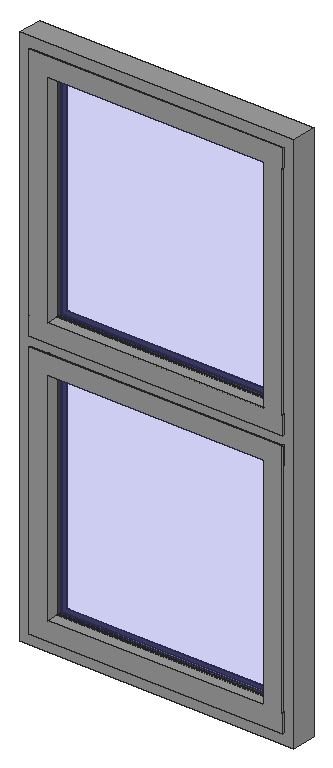
Revit family "SS_3250_LAP IP006_v02", category Windows, host Wall, Revit 2015
Parameters
  Wall Thickness [instance] = 0' - 6"
  URL = "obe.com"
  Transom Height = 3' - 0"
  Rough Width = Width + 0' 0 1/2"  # 3' - 0 1/2"
  Rough Height = Height + 0' 0 1/2"  # 6' - 0 1/2"
  Offset Limitation [instance] = if((Offset + 0' 3 1/4") > Wall Thickness, (Wall Thickness - 0' 3 1/4"), Offset)  # 0' - 0"
  Offset [instance] = 0' - 0"
  Model = "SS_3250_LAP IP006"
  Manufacturer = "Oldcastle BuildingEnvelope®"
  Keynote = "08 51 00"
  Height = Operable Height + Transom Height  # 6' - 0"
  Operable Width = 3' - 0"
  Operable Height = 3' - 0"
  Glass Material = Glass
  Gasket Material = Gasket
  Frame Material = Aluminum
  Description = "SIGNATURE SERIES 3.25 LAP"
  Default Sill Height = 2' - 0"
  Wall Closure = By host
  Width = Operable Width  # 3' - 0"
  Assembly Code = "B2020"
Reference planes (in)
  plane 1 "Center (Front/Back)": y = 0
  plane 2: z = 0
  plane 3 "Center (Left/Right)": x = 0
  plane 4 "Left": x = -18.25
  plane 5 "Right": x = 18.25
  plane 6 "Sill": z = 24
  plane 7 "Top": z = 96.5
  plane 8 "Offset": y = 3
  plane 9: x = 18
  plane 10: z = 96.25
  plane 11: x = -18
  plane 12: z = 24.25
  plane 13 "Center": z = 60.25
  plane 14: z = 57.75
  plane 15: z = 27.25
  plane 16: z = 62.75
  plane 17: z = 93.25
  plane 18 "INT": y = 1.451
Forms (in)
  Sweep 1, solid, material "Aluminum" <- "Frame Material"
    path origin (0, 3, 0) x (1, 0, 0) y (0, 0, 1)
      loop
        line (-18, 24) -> (-18, 96.5)
    profile origin (-18, 3, 60.25) x (-1, 0, 0) y (0, -1, 0)
      loop
        line (-2.25, 0) -> (0.25, 0) -> (0.25, 3.25) -> (-1.36814, 3.25) -> (-1.36814, 0.08) -> (-2.25, 0.08) -> (-2.25, 0)
  Sweep 2, solid, material "Aluminum" <- "Frame Material"
    path origin (0, 3, 0) x (1, 0, 0) y (0, 0, 1)
      loop
        line (18, 24) -> (18, 96.5)
    profile origin (18, 3, 60.25) x (-1, 0, 0) y (0, -1, 0)
      loop
        line (1.36814, 3.25) -> (-0.25, 3.25) -> (-0.25, 0) -> (2.25, 0) -> (2.25, 0.08) -> (1.36814, 0.08) -> (1.36814, 3.25)
  Sweep 3, solid, material "Aluminum" <- "Frame Material"
    path origin (0, 3, 0) x (1, 0, 0) y (0, 0, 1)
      loop
        line (-18.25, 96.25) -> (18.25, 96.25)
    profile origin (0, 3, 96.25) x (0, 0, 1) y (0, -1, 0)
      loop
        line (-1.36853, 3.25) -> (-1.36853, 0.08012) -> (-2.25, 0.08012) -> (-2.25, 0) -> (0.25, 0) -> (0.25, 3.25) -> (-1.36853, 3.25)
  Sweep 4, solid, material "Aluminum" <- "Frame Material"
    path origin (0, 3, 0) x (1, 0, 0) y (0, 0, 1)
      loop
        line (18.25, 24.25) -> (-18.25, 24.25)
    profile origin (0, 3, 24.25) x (0, 0, -1) y (0, -1, 0)
      loop
        line (0.25, 3.25) -> (-1.37516, 3.25) -> (-1.37516, 0.08) -> (-2.25, 0.08) -> (-2.25, 0) -> (0.25, 0) -> (0.25, 3.25)
  Sweep 5, solid, material "Aluminum" <- "Frame Material"
    path origin (0, 3, -0.00003) x (1, 0, 0) y (0, 0, 1)
      loop
        line (18.25, 60.25) -> (-18.25, 60.25)
    profile origin (0, 3, 60.24997) x (0, 0, -1) y (0, -1, 0)
      loop
        line (0.86762, 3.25) -> (-0.86774, 3.25) -> (-0.86774, 0.08) -> (-1.75003, 0.08) -> (-1.75003, 0) -> (1.74997, 0) -> (1.74997, 0.08) -> (0.86762, 0.08) -> (0.86762, 3.25)
  Extrusion 6, solid, material "Glass" <- "Glass Material"
    sketch origin (0, 0, 0) x (1, 0, 0) y (0, 1, 0)
      loop
        line (-15, 2.451) -> (-15, 1.451) -> (15, 1.451) -> (15, 2.451) -> (-15, 2.451)
    from 27.25 to 57.75
  Sweep 7, solid, material "Gasket" <- "Gasket Material", detail levels fine
    path origin (0, 2, 0) x (1, 0, 0) y (0, 0, 1)
      loop
        line (14.375, 92.625) -> (-14.375, 92.625) -> (-14.375, 63.375) -> (14.375, 63.375) -> (14.375, 92.625)
    profile origin (14.375, 2, 78) x (0, -1, 0) y (1, 0, 0)
      loop
        line (-0.451, -0.15422) -> (-0.451, 0.34093) -> (-0.576, 0.34093) -> (-0.576, -0.014) -> (-0.72511, -0.014) -> (-0.71375, -0.05125) -> (-0.451, -0.15422)
      loop
        line (0.549, 0.33143) -> (0.549, -0.125) -> (0.82895, -0.03897) -> (0.82895, 0) -> (0.75, 0) -> (0.75, 0.1604) -> (0.66148, 0.23207) -> (0.58103, 0.33143) -> (0.549, 0.33143)
  Sweep 8, solid, material "Gasket" <- "Gasket Material", detail levels fine
    path origin (0, 3, 0) x (1, 0, 0) y (0, 0, 1)
      loop
        line (14.375, 57.12494) -> (-14.375, 57.12494) -> (-14.375, 27.875) -> (14.375, 27.875) -> (14.375, 57.12494)
    profile origin (0, 3, 57.12494) x (0, 0, -1) y (0, -1, 0)
      loop
        line (0.01391, 0.27489) -> (0.05116, 0.28625) -> (0.15414, 0.549) -> (-0.34102, 0.549) -> (-0.34102, 0.424) -> (0.01391, 0.424) -> (0.01391, 0.27489)
      loop
        line (-0.16117, 1.74915) -> (-0.23216, 1.66148) -> (-0.37107, 1.549) -> (0.12492, 1.549) -> (0.03952, 1.82687) -> (0.00005, 1.829) -> (0.01203, 1.74915) -> (-0.16117, 1.74915)
  Extrusion 9, solid, material "Glass" <- "Glass Material"
    sketch origin (0, 0, 0) x (1, 0, 0) y (0, 1, 0)
      loop
        line (-15, 1.451) -> (15, 1.451) -> (15, 2.451) -> (-15, 2.451) -> (-15, 1.451)
    from 62.75 to 93.25
  Sweep 10, solid, material "Aluminum" <- "Frame Material"
    path origin (0, 3, 0) x (1, 0, 0) y (0, 0, 1)
      loop
        line (16.8662, 96.25) -> (-16.84375, 96.25)
    profile origin (0.01122, 3, 96.25) x (0, 0, -1) y (0, -1, 0)
      loop
        line (3.62506, 3.5) -> (1.12545, 3.5) -> (1.12545, 3.25) -> (1.99999, 3.25) -> (1.99999, 0.25) -> (3.625, 0.25) -> (3.625, 0.424) -> (3, 0.424) -> (3, 1.75) -> (3.62506, 1.75) -> (3.62506, 3.5)
  Sweep 11, solid, material "Aluminum" <- "Frame Material"
    path origin (0, 3, 0) x (1, 0, 0) y (0, 0, 1)
      loop
        line (-16.8662, 62.75) -> (16.8662, 62.75)
    profile origin (0, 3, 62.75) x (0, 0, 1) y (0, -1, 0)
      loop
        line (0.62503, 0.25) -> (0.62503, 0.424) -> (0, 0.424) -> (0, 1.75) -> (0.62503, 1.75) -> (0.62503, 3.5) -> (-1.8733, 3.5) -> (-1.8733, 3.25) -> (-0.99997, 3.25) -> (-0.99997, 0.25) -> (0.62503, 0.25)
  Sweep 12, solid, material "Aluminum" <- "Frame Material"
    path origin (0, 3, 0) x (1, 0, 0) y (0, 0, 1)
      loop
        line (16.84375, 57.75) -> (-16.84375, 57.75)
    profile origin (0, 3, 57.75) x (0, 0, -1) y (0, -1, 0)
      loop
        line (-1.00003, 3.25) -> (-1.00003, 0.25) -> (0.62497, 0.25) -> (0.62497, 0.424) -> (0, 0.424) -> (0, 1.74915) -> (0.62503, 1.74915) -> (0.62503, 3.5) -> (-1.87539, 3.5) -> (-1.87539, 3.25) -> (-1.00003, 3.25)
  Sweep 13, solid, material "Aluminum" <- "Frame Material"
    path origin (0, 3, 0) x (1, 0, 0) y (0, 0, 1)
      loop
        line (16.8662, 24.25) -> (-16.8662, 24.25)
    profile origin (0, 3, 24.25) x (0, 0, -1) y (0, -1, 0)
      loop
        line (-3.625, 0.25) -> (-2.0049, 0.25) -> (-2.0049, 3.25) -> (-1.1242, 3.25) -> (-1.1242, 3.5) -> (-3.625, 3.5) -> (-3.625, 1.74915) -> (-3, 1.74915) -> (-3, 0.424) -> (-3.625, 0.424) -> (-3.625, 0.25)
  Sweep 14, solid, material "Aluminum" <- "Frame Material"
    path origin (0, 3, 0) x (1, 0, 0) y (0, 0, 1)
      loop
        line (-18, 25.38381) -> (-18, 59.61623)
    profile origin (-18, 3, 42.50002) x (-1, 0, 0) y (0, -1, 0)
      loop
        line (-3.625, 0.25) -> (-2, 0.25) -> (-2, 3.375) -> (-1.1338, 3.375) -> (-1.15625, 3.5) -> (-3.625, 3.5) -> (-3.625, 1.74915) -> (-3, 1.74915) -> (-3, 0.424) -> (-3.625, 0.424) -> (-3.625, 0.25)
  Sweep 15, solid, material "Aluminum" <- "Frame Material"
    path origin (0, 3, 0) x (1, 0, 0) y (0, 0, 1)
      loop
        line (-18, 60.88383) -> (-18, 95.09375)
    profile origin (-18, 3, 77.98879) x (-1, 0, 0) y (0, -1, 0)
      loop
        line (-2, 3.375) -> (-1.1338, 3.375) -> (-1.15625, 3.5) -> (-3.625, 3.5) -> (-3.625, 1.75) -> (-3, 1.75) -> (-3, 0.424) -> (-3.625, 0.424) -> (-3.625, 0.25) -> (-2, 0.25) -> (-2, 3.375)
  Sweep 16, solid, material "Aluminum" <- "Frame Material"
    path origin (0, 3, 0) x (1, 0, 0) y (0, 0, 1)
      loop
        line (18, 95.09375) -> (18, 60.88383)
    profile origin (18, 3, 77.98879) x (0, -1, 0) y (1, 0, 0)
      loop
        line (0.25, -2) -> (0.25, -3.625) -> (0.424, -3.625) -> (0.424, -3) -> (1.75, -3) -> (1.75, -3.625) -> (3.5, -3.625) -> (3.5, -1.15625) -> (3.375, -1.1338) -> (3.375, -2) -> (0.25, -2)
  Sweep 17, solid, material "Aluminum" <- "Frame Material"
    path origin (0, 3, 0) x (1, 0, 0) y (0, 0, 1)
      loop
        line (18, 59.59378) -> (18, 25.38381)
    profile origin (18, 3, 42.48879) x (0, -1, 0) y (1, 0, 0)
      loop
        line (0.25, -3.625) -> (0.424, -3.625) -> (0.424, -3) -> (1.74915, -3) -> (1.74915, -3.625) -> (3.5, -3.625) -> (3.5, -1.15625) -> (3.375, -1.1338) -> (3.375, -2) -> (0.25, -2) -> (0.25, -3.625)
Cuts and joins
  joined: Sweep 1, Sweep 2, Sweep 3, Sweep 4, Sweep 5
  joined: Sweep 12, Sweep 13, Sweep 14, Sweep 17
  joined: Sweep 10, Sweep 11, Sweep 15, Sweep 16
Lines and regions (in)
  Opening 1
    outline origin (-60, -3, 0) x (1, 0, 0) y (0, 0, 1)
      loop
        line (41.75, 96.5) -> (41.75, 24) -> (78.25, 24) -> (78.25, 96.5) -> (41.75, 96.5)
  model lines, style "Opening Direction"
    curve 1: line (-14.375, 1.451, 92.62494) -> (0, 1.451, 63.375)
    curve 2: line (0, 1.451, 63.375) -> (14.375, 1.451, 92.62494)
    curve 3: line (-14.375, 1.451, 57.12494) -> (0, 1.451, 27.875)
    curve 4: line (14.375, 1.451, 57.12494) -> (0, 1.451, 27.875)
Text (in)
  text "EXTERIOR" at (-58.6888, 50.90694, 0), in view "Ref. Level"
  text "INTERIOR" at (-58.6888, -37.76638, 0), in view "Ref. Level"
  text "Exterior" at (0, 43.65631, 123.19604), in view "Left"
  text "Exterior" at (0, 18.29385, 125.04747), in view "Right"
  text "Min Operable Size\n\n14\" width x 18\" height\n\n\n\nMax Operable Size\n\n72\" x 48\"\n\n\n\nMax Operable Area\n\n20 square feet" at (92.76956, 66.12772, 0), in view "Ref. Level"
Dimensions and locks (in)
  plane 4 "Left" to plane 3 "Center (Left/Right)" to plane 5 "Right" = 1' - 6 1/4", 1' - 6 1/4"
  "Rough Width": plane 4 "Left" to plane 5 "Right"
  "Default Sill Height": plane 2 to plane 6 "Sill"
  "Offset Limitation": plane 8 "Offset" to host wall
  "Wall Thickness": host wall to host wall
  locked: plane 9 to plane 5 "Right" at 0.25
  locked: plane 6 "Sill" to plane 12 at 0.25
  "Operable Height": plane 12 to plane 13 "Center"
  "Transom Height": plane 13 "Center" to plane 10
  "Rough Height": plane 6 "Sill" to plane 7 "Top"
  "Width": plane 11 to plane 9
  Extrusion 6 sketch curve to Extrusion 6 sketch curve to plane 8 "Offset" = 0' - 1" locked, 0' - 0.549" locked
  locked: plane 12 to plane 15 at 3
  locked: plane 14 to plane 13 "Center" at 2.5
  locked: plane 13 "Center" to plane 16 at 2.5
  locked: plane 17 to plane 10 at 3
  Extrusion 9 sketch curve to Extrusion 9 sketch curve to plane 8 "Offset" = 0' - 1", 0' - 0.549"
  locked: plane 18 "INT" to plane 8 "Offset" at 1.549
  equal spacing: plane 4 "Left", plane 3 "Center (Left/Right)", plane 5 "Right"
  locked: Sweep 14 sketch curve to plane 13 "Center" at 0.63377
  locked: plane 12 to Sweep 14 sketch curve at 1.13381
  locked: Sweep 15 sketch curve to plane 10 at 1.15625
  locked: plane 13 "Center" to Sweep 15 sketch curve at 0.63383
  locked: plane 13 "Center" to Sweep 16 sketch curve at 0.63383
  Sweep 10 to plane 10 = 0' - 1.12545"
  locked: plane 12 to Sweep 17 sketch curve at 1.13381
  locked: Sweep 17 sketch curve to plane 13 "Center" at 0.65622
  locked: Sweep 10 sketch curve to plane 9 at 1.1338
  locked: plane 4 "Left" to Sweep 10 sketch curve at 1.40625
  locked: plane 4 "Left" to Sweep 11 sketch curve at 1.3838
  locked: Sweep 11 sketch curve to plane 9 at 1.1338
  locked: plane 4 "Left" to Sweep 12 sketch curve at 1.40625
  locked: Sweep 12 sketch curve to plane 5 "Right" at 1.40625
  locked: Sweep 13 sketch curve to plane 5 "Right" at 1.3838
  locked: plane 4 "Left" to Sweep 13 sketch curve at 1.3838
  aligned and locked: plane 7 "Top" to Opening 1 sketch curve
  aligned and locked: plane 6 "Sill" to Opening 1 sketch curve  (x2)
  aligned and locked: plane 5 "Right" to Opening 1 sketch curve
  aligned and locked: plane 4 "Left" to Opening 1 sketch curve
  aligned and locked: level to plane 2
  aligned and locked: nested 2 to plane 12
  aligned and locked: Extrusion 6 to plane 14
  aligned and locked: plane 15 to Extrusion 6
  aligned and locked: Extrusion 9 to plane 17
  aligned and locked: plane 16 to Extrusion 9
  aligned and locked: plane 3 "Center (Left/Right)" to nested 2
  aligned and locked: plane 8 "Offset" to nested 2
  aligned and locked: plane 3 "Center (Left/Right)" to nested 1
  aligned and locked: plane 8 "Offset" to nested 1
  aligned and locked: plane 3 "Center (Left/Right)" to curve 2
  aligned and locked: plane 3 "Center (Left/Right)" to curve 4
  aligned and locked: plane 10 to Sweep 10 sketch curve
  aligned and locked: Sweep 11 sketch curve to plane 16
  aligned and locked: plane 14 to Sweep 12 sketch curve
  aligned and locked: plane 12 to Sweep 13 sketch curve
  aligned and locked: plane 11 to Sweep 14 sketch curve
  aligned and locked: plane 11 to Sweep 15 sketch curve
  aligned and locked: Sweep 16 sketch curve to plane 9
  aligned and locked: Sweep 17 sketch curve to plane 9
  aligned and locked: plane 8 "Offset" to nested 3  (x2)
  aligned and locked: nested 3 to plane 13 "Center"
  aligned and locked: plane 3 "Center (Left/Right)" to nested 3
Automatic sketch dimensions
  plane 8 "Offset" to Sweep 1 sketch curve = 0' - 0"
  Sweep 1 sketch curve to profile plane = 0' - 0 1/4"
  plane 8 "Offset" to Sweep 2 sketch curve = 0' - 0"
  profile plane to Sweep 2 sketch curve = 0' - 0 1/4"
  Sweep 2 sketch curve to Sweep 2 sketch curve = 0' - 3 1/4"
  Extrusion 6 sketch curve to plane 11 = 0' - 3"
  plane 9 to Extrusion 6 sketch curve = 0' - 3"
  Sweep 7 sketch curve to profile plane = 0' - 0"
  profile plane to Sweep 7 sketch curve = 0' - 0.014"
  plane 8 "Offset" to Sweep 7 sketch curve = 0' - 0.27489"
  profile plane to Sweep 7 sketch curve = 0' - 0.05125"
  Sweep 7 sketch curve to Sweep 7 sketch curve = 0' - 0.01136"
  Sweep 7 sketch curve to Sweep 7 sketch curve = 0' - 0.14911"
  Sweep 7 sketch curve to Sweep 7 sketch curve = 0' - 0 1/8"
  Sweep 7 sketch curve to profile plane = 0' - 0.23207"
  Sweep 7 sketch curve to Sweep 7 sketch curve = 0' - 1.11248"
  Sweep 7 sketch curve to Sweep 7 sketch curve = 0' - 0.08852"
  Sweep 7 sketch curve to Sweep 7 sketch curve = 0' - 0.07895"
  Sweep 7 sketch curve to Sweep 7 sketch curve = 0' - 0.03897"
  Sweep 7 sketch curve to Sweep 7 sketch curve = 0' - 0.07168"
  Sweep 7 sketch curve to profile plane = 0' - 0.34093"
  Sweep 7 sketch curve to Sweep 7 sketch curve = 0' - 0.11248"
  Sweep 7 sketch curve to profile plane = 0' - 0.33143"
  Sweep 7 sketch curve to Sweep 7 sketch curve = 0' - 0.03203"
  profile plane to Sweep 7 sketch curve = 0' - 0 1/8"
  Sweep 7 sketch curve to Sweep 7 sketch curve = 0' - 0.02922"
  plane 14 to Sweep 8 sketch curve = 0' - 0.62506"
  Sweep 8 sketch curve to plane 11 = 0' - 3 5/8"
  Sweep 8 sketch curve to plane 15 = 0' - 0 5/8"
  plane 9 to Sweep 8 sketch curve = 0' - 3 5/8"
  Sweep 8 sketch curve to profile plane = 0' - 0.01203"
  profile plane to Sweep 8 sketch curve = 0' - 0.23216"
  profile plane to Sweep 8 sketch curve = 0' - 0.34102"
  Sweep 8 sketch curve to profile plane = 0' - 0.00005"
  Sweep 8 sketch curve to profile plane = 0' - 0.01391"
  Sweep 8 sketch curve to profile plane = 0' - 0.03952"
  Sweep 8 sketch curve to Sweep 8 sketch curve = 0' - 0.03725"
  plane 8 "Offset" to Sweep 8 sketch curve = 0' - 0.27489"
  Sweep 8 sketch curve to Sweep 8 sketch curve = 0' - 0.01136"
  Sweep 8 sketch curve to Sweep 8 sketch curve = 0' - 0.14911"
  Sweep 8 sketch curve to Sweep 8 sketch curve = 0' - 0 1/8"
  Sweep 8 sketch curve to Sweep 8 sketch curve = 0' - 1.11248"
  Sweep 8 sketch curve to Sweep 8 sketch curve = 0' - 0.16539"
  Sweep 8 sketch curve to Sweep 8 sketch curve = 0' - 0.00213"
  profile plane to Sweep 8 sketch curve = 0' - 0.16117"
  Sweep 8 sketch curve to Sweep 8 sketch curve = 0' - 0.13891"
  Sweep 8 sketch curve to profile plane = 0' - 0.12492"
  Sweep 8 sketch curve to Sweep 8 sketch curve = 0' - 0.02922"
  Sweep 8 sketch curve to Sweep 8 sketch curve = 0' - 0.11248"
  Sweep 8 sketch curve to Sweep 8 sketch curve = 0' - 0.07985"
  Sweep 7 sketch curve to plane 11 = 0' - 3 5/8"
  Sweep 7 sketch curve to plane 16 = 0' - 0 5/8"
  plane 9 to Sweep 7 sketch curve = 0' - 3 5/8"
  plane 17 to Sweep 7 sketch curve = 0' - 0 5/8"
  Extrusion 9 sketch curve to plane 11 = 0' - 3"
  plane 9 to Extrusion 9 sketch curve = 0' - 3"
  plane 4 "Left" to Sweep 3 sketch curve = 0' - 0"
  plane 5 "Right" to Sweep 3 sketch curve = 0' - 0"
  Sweep 3 sketch curve to plane 10 = 0' - 0"
  plane 4 "Left" to Sweep 5 sketch curve = 0' - 0"
  plane 5 "Right" to Sweep 5 sketch curve = 0' - 0"
  plane 13 "Center" to Sweep 5 sketch curve = 0' - 0.00003"
  plane 4 "Left" to Sweep 4 sketch curve = 0' - 0"
  plane 5 "Right" to Sweep 4 sketch curve = 0' - 0"
  Sweep 4 sketch curve to plane 12 = 0' - 0"
  Sweep 1 sketch curve to plane 7 "Top" = 0' - 0"
  plane 11 to Sweep 1 sketch curve = 0' - 0"
  Sweep 1 sketch curve to plane 6 "Sill" = 0' - 0"
  Sweep 2 sketch curve to plane 7 "Top" = 0' - 0"
  plane 9 to Sweep 2 sketch curve = 0' - 0"
  Sweep 2 sketch curve to plane 6 "Sill" = 0' - 0"
  curve 1 to plane 16 = 0' - 0 5/8"
  plane 17 to curve 1 = 0' - 0.62506"
  curve 1 to plane 11 = 0' - 3 5/8"
  plane 17 to curve 2 = 0' - 0.62506"
  plane 9 to curve 2 = 0' - 3 5/8"
  plane 14 to curve 3 = 0' - 0.62506"
  curve 3 to plane 11 = 0' - 3 5/8"
  plane 14 to curve 4 = 0' - 0.62506"
  plane 9 to curve 4 = 0' - 3 5/8"
  curve 4 to plane 15 = 0' - 0 5/8"
  Sweep 5 sketch curve to plane 8 "Offset" = 0' - 0"
  profile plane to Sweep 5 sketch curve = 0' - 1.75003"
  Sweep 5 sketch curve to profile plane = 0' - 1.74997"
  Sweep 5 sketch curve to Sweep 5 sketch curve = 0' - 0.08"  (x2)
  Sweep 5 sketch curve to profile plane = 0' - 0.86762"
  profile plane to Sweep 5 sketch curve = 0' - 0.86774"
  Sweep 5 sketch curve to Sweep 5 sketch curve = 0' - 3.17"
  Sweep 3 sketch curve to plane 8 "Offset" = 0' - 0"
  Sweep 3 sketch curve to profile plane = 0' - 0 1/4"
  Sweep 3 sketch curve to Sweep 3 sketch curve = 0' - 3 1/4"
  plane 8 "Offset" to Sweep 3 sketch curve = 0' - 0.08012"
  Sweep 3 sketch curve to Sweep 3 sketch curve = 0' - 0.88147"
  profile plane to Sweep 3 sketch curve = 0' - 1.36853"
  Sweep 4 sketch curve to plane 8 "Offset" = 0' - 0"
  Sweep 4 sketch curve to profile plane = 0' - 0 1/4"
  Sweep 4 sketch curve to Sweep 4 sketch curve = 0' - 3 1/4"
  Sweep 4 sketch curve to Sweep 4 sketch curve = 0' - 0.87484"
  profile plane to Sweep 4 sketch curve = 0' - 1.37516"
  Sweep 4 sketch curve to Sweep 4 sketch curve = 0' - 0.08"
  profile plane to Sweep 1 sketch curve = 0' - 1.36814"
  plane 8 "Offset" to Sweep 1 sketch curve = 0' - 3 1/4"
  plane 8 "Offset" to Sweep 1 sketch curve = 0' - 0.08"
  Sweep 1 sketch curve to Sweep 1 sketch curve = 0' - 0.88186"
  Sweep 2 sketch curve to Sweep 2 sketch curve = 0' - 0.08"
  Sweep 2 sketch curve to profile plane = 0' - 1.36814"
  Sweep 2 sketch curve to Sweep 2 sketch curve = 0' - 0.88186"
  plane 10 to Sweep 16 sketch curve = 0' - 1 5/32"
  plane 8 "Offset" to Sweep 16 sketch curve = 0' - 0 1/4"
  Sweep 16 sketch curve to Sweep 16 sketch curve = 0' - 0.174"
  Sweep 16 sketch curve to Sweep 16 sketch curve = 0' - 0"
  Sweep 16 sketch curve to Sweep 16 sketch curve = 0' - 1.326"
  Sweep 16 sketch curve to Sweep 16 sketch curve = 0' - 0 5/8"
  profile plane to Sweep 16 sketch curve = 0' - 1 5/32"
  Sweep 16 sketch curve to Sweep 16 sketch curve = 0' - 1 5/8"
  Sweep 16 sketch curve to Sweep 16 sketch curve = 0' - 1"
  profile plane to Sweep 16 sketch curve = 0' - 1.1338"
  Sweep 16 sketch curve to Sweep 16 sketch curve = 0' - 0 1/8"
  Sweep 16 sketch curve to Sweep 16 sketch curve = 0' - 0 27/32"
  profile plane to Sweep 17 sketch curve = 0' - 2"
  Sweep 17 sketch curve to Sweep 17 sketch curve = 0' - 1.32515"
  Sweep 17 sketch curve to Sweep 17 sketch curve = 0' - 0"
  Sweep 17 sketch curve to Sweep 17 sketch curve = 0' - 0 5/8"
  plane 8 "Offset" to Sweep 17 sketch curve = 0' - 0 1/4"
  Sweep 17 sketch curve to Sweep 17 sketch curve = 0' - 3 1/8"
  profile plane to Sweep 17 sketch curve = 0' - 1.1338"
  Sweep 17 sketch curve to Sweep 17 sketch curve = 0' - 1"
  Sweep 17 sketch curve to Sweep 17 sketch curve = 0' - 0.02245"
  Sweep 17 sketch curve to Sweep 17 sketch curve = 0' - 0 1/8"
  Sweep 17 sketch curve to Sweep 17 sketch curve = 0' - 0.174"
  profile plane to Sweep 15 sketch curve = 0' - 3 5/8"
  plane 8 "Offset" to Sweep 15 sketch curve = 0' - 0 1/4"
  Sweep 15 sketch curve to Sweep 15 sketch curve = 0' - 0"
  Sweep 15 sketch curve to Sweep 15 sketch curve = 0' - 0 5/8"
  Sweep 15 sketch curve to Sweep 15 sketch curve = 0' - 1"
  plane 8 "Offset" to Sweep 15 sketch curve = 0' - 0.424"
  Sweep 15 sketch curve to Sweep 15 sketch curve = 0' - 1.326"
  Sweep 15 sketch curve to Sweep 15 sketch curve = 0' - 1 3/4"
  Sweep 15 sketch curve to Sweep 15 sketch curve = 0' - 0 27/32"
  Sweep 15 sketch curve to Sweep 15 sketch curve = 0' - 0.02245"
  Sweep 15 sketch curve to Sweep 15 sketch curve = 0' - 0 1/8"
  plane 8 "Offset" to Sweep 14 sketch curve = 0' - 0 1/4"
  profile plane to Sweep 14 sketch curve = 0' - 3 5/8"
  Sweep 14 sketch curve to Sweep 14 sketch curve = 0' - 0"
  Sweep 14 sketch curve to Sweep 14 sketch curve = 0' - 0 5/8"
  Sweep 14 sketch curve to Sweep 14 sketch curve = 0' - 1"
  Sweep 14 sketch curve to Sweep 14 sketch curve = 0' - 0.174"
  Sweep 14 sketch curve to Sweep 14 sketch curve = 0' - 1.32515"
  Sweep 14 sketch curve to Sweep 14 sketch curve = 0' - 1.75085"
  Sweep 14 sketch curve to Sweep 14 sketch curve = 0' - 0 27/32"
  Sweep 14 sketch curve to Sweep 14 sketch curve = 0' - 0.02245"
  Sweep 14 sketch curve to Sweep 14 sketch curve = 0' - 0 1/8"
  plane 8 "Offset" to Sweep 13 sketch curve = 0' - 0 1/4"
  profile plane to Sweep 13 sketch curve = 0' - 3 5/8"
  Sweep 13 sketch curve to Sweep 13 sketch curve = 0' - 0"
  Sweep 13 sketch curve to Sweep 13 sketch curve = 0' - 0 5/8"
  Sweep 13 sketch curve to Sweep 13 sketch curve = 0' - 1.6201"
  Sweep 13 sketch curve to Sweep 13 sketch curve = 0' - 0.8807"
  plane 8 "Offset" to Sweep 13 sketch curve = 0' - 0.424"
  Sweep 13 sketch curve to Sweep 13 sketch curve = 0' - 1.32515"
  Sweep 13 sketch curve to Sweep 13 sketch curve = 0' - 1.50085"
  Sweep 13 sketch curve to Sweep 13 sketch curve = 0' - 0 1/4"
  profile plane to Sweep 11 sketch curve = 0' - 0"
  profile plane to Sweep 11 sketch curve = 0' - 0.99997"
  Sweep 11 sketch curve to Sweep 11 sketch curve = 0' - 0.87333"
  Sweep 11 sketch curve to profile plane = 0' - 0.62503"  (x2)
  plane 8 "Offset" to Sweep 11 sketch curve = 0' - 0 1/4"
  Sweep 11 sketch curve to Sweep 11 sketch curve = 0' - 0.174"
  Sweep 11 sketch curve to Sweep 11 sketch curve = 0' - 1.326"
  Sweep 11 sketch curve to Sweep 11 sketch curve = 0' - 1 1/2"
  Sweep 11 sketch curve to Sweep 11 sketch curve = 0' - 0 1/4"
  Sweep 10 sketch curve to profile plane = 0' - 1.12545"
  Sweep 10 sketch curve to Sweep 10 sketch curve = 0' - 0.87454"
  Sweep 10 sketch curve to Sweep 10 sketch curve = 0' - 1"
  Sweep 10 sketch curve to Sweep 10 sketch curve = 0' - 0 5/8"
  Sweep 10 sketch curve to Sweep 10 sketch curve = 0' - 1.62507"
  plane 8 "Offset" to Sweep 10 sketch curve = 0' - 0 1/4"
  Sweep 10 sketch curve to Sweep 10 sketch curve = 0' - 0.174"
  Sweep 10 sketch curve to Sweep 10 sketch curve = 0' - 1.326"
  Sweep 10 sketch curve to Sweep 10 sketch curve = 0' - 1 1/2"
  Sweep 10 sketch curve to Sweep 10 sketch curve = 0' - 0 1/4"
  Sweep 12 sketch curve to profile plane = 0' - 0"
  profile plane to Sweep 12 sketch curve = 0' - 1.00003"
  Sweep 12 sketch curve to Sweep 12 sketch curve = 0' - 0.87537"
  plane 8 "Offset" to Sweep 12 sketch curve = 0' - 0 1/4"
  Sweep 12 sketch curve to profile plane = 0' - 0.62497"
  Sweep 12 sketch curve to Sweep 12 sketch curve = 0' - 0.62503"
  Sweep 12 sketch curve to Sweep 12 sketch curve = 0' - 0.174"
  Sweep 12 sketch curve to Sweep 12 sketch curve = 0' - 1.32515"
  Sweep 12 sketch curve to Sweep 12 sketch curve = 0' - 1.50085"
  Sweep 12 sketch curve to Sweep 12 sketch curve = 0' - 0 1/4"
Nested families (in)
  nested 1: "S-3250 LAP IP006-Plan View" at (0, 3, 0), Default Sill Height <- "Default Sill Height", Operable Height <- "Operable Height", Width <- "Operable Width", type "S-3250 LAP IP006-Plan View"
    with Width 3' - 0", Operable Height 3' - 0", Default Sill Height 2' - 0"
  nested 2: "S-3250 LAP IP006-Section Operable" at (0, 3, 0.25), Default Sill Height <- "Default Sill Height", Operable Height <- "Operable Height", Transom Height <- "Transom Height", Width <- "Operable Width", type "S-3250 LAP IP006-Section Operable"
    with Width 3' - 0", Transom Height 3' - 0", Operable Height 3' - 0", Default Sill Height 2' - 0"
  nested 3: "S-3250 LAP IP006-Transom View" at (0, 3, 24.25), Operable Height <- "Operable Height", Width <- "Width", Transom Height <- "Transom Height", type "S-3250 LAP IP006-Transom View"
    with Width 3' - 0", Transom Height 3' - 0", Operable Height 3' - 0"
Definition of nested family "S-3250 LAP IP006-Plan View"
  Parameters (values of type "S-3250 LAP IP006-Plan View")
    Width [instance] = 3' - 0"
    Rough Width = 3' - 0 1/2"
    Rough Height = 6' - 0 1/2"
    Operable Height [instance] = 3' - 0"
    Height = 6' - 0"
    Default Sill Height [instance] = 3' - 0"
    Analytic Construction = "<None>"
  Reference planes (in)
    plane 1 "Center (Front/Back)": y = 0
    plane 2: z = 0
    plane 3 "Center (Left/Right)": x = 0
    plane 4: z = 36
  Lines and regions (in)
    model lines, not visible
      curve 1: line (0, 0, 36) -> (0, 0, 72)
  Dimensions and locks (in)
    "Default Sill Height": plane 4 to plane 2
    "Operable Height": curve 1 to plane 4
    aligned and locked: plane 2 to level
    aligned and locked: plane 3 "Center (Left/Right)" to nested 1
    aligned and locked: plane 1 "Center (Front/Back)" to nested 1
    aligned and locked: plane 4 to curve 1
    aligned and locked: plane 1 "Center (Front/Back)" to curve 1
  Nested families (in)
    nested 1: "S-3250 LAP IP006-Plan View" at (-12, 0, 0), Width <- "Width", type "S-3250 LAP IP006-Plan View"
      with Width 3' - 0"
  Definition of nested family "S-3250 LAP IP006-Plan View"
    Parameters (values of type "S-3250 LAP IP006-Plan View")
      Width [instance] = 2' - 0"
    Reference planes (in)
      plane 1 "Center (Front/Back)": y = 0
      plane 2: z = 0
      plane 3 "C": x = 0
      plane 4: x = 24
      plane 5: x = 21
      plane 6: x = 3
      plane 7 "Center (Left/Right)": x = 12
    Lines and regions (in)
      detail lines, in view "Ref. Level"
        curve 1: line (3, -0.549, 0) -> (21, -0.549, 0)
        curve 2: line (3, -1.549, 0) -> (21, -1.549, 0)
    Dimensions and locks (in)
      "Width": plane 3 "C" to plane 4
      locked: plane 3 "C" to plane 6 at 3
      locked: plane 5 to plane 4 at 3
      equal spacing: plane 3 "C", plane 7 "Center (Left/Right)", plane 4
      aligned and locked: nested 2 to plane 3 "C"
      aligned and locked: nested 1 to plane 4
      aligned and locked: plane 1 "Center (Front/Back)" to nested 2
      aligned and locked: plane 1 "Center (Front/Back)" to nested 1
      aligned and locked: plane 6 to curve 2
      aligned and locked: plane 6 to curve 1
      aligned and locked: plane 5 to curve 2
      aligned and locked: plane 5 to curve 1
    Automatic sketch dimensions
      plane 1 "Center (Front/Back)" to curve 2 = 0' - 1.549"
      plane 1 "Center (Front/Back)" to curve 1 = 0' - 0.549"
    Nested families (in)
      nested 1: "S-3250 LAP-JAMB L" at (24, 0, 0), type "S-3250 LAP-JAMB L", in view "Ref. Level"
      nested 2: "S-3250 LAP-JAMB R" at (0, 0, 0), type "S-3250 LAP-JAMB R", in view "Ref. Level"
    Definition of nested family "S-3250 LAP-JAMB L"
      Reference planes (in)
        plane 1 "Center (Front/Back)": y = 0
        plane 2: z = 0
        plane 3 "Center (Left/Right)": x = 0
      Lines and regions (in)
        detail lines, in view "Ref. Level"
          curve 1: line (-3.625, 3.5, 0) -> (-1.15625, 3.5, 0)
          curve 2: line (-1.15625, 3.5, 0) -> (-1.125, 3.326, 0)
          curve 3: line (-1.125, 3.326, 0) -> (-1.125, 3.25, 0)
          curve 4: line (-1.125, 3.25, 0) -> (0.25, 3.25, 0)
          curve 5: line (0.25, 3.25, 0) -> (0.25, 3.17, 0)
          curve 6: line (0.25, 3.17, 0) -> (0.25, 0.08, 0)
          curve 7: line (0.25, 0.08, 0) -> (0.25, 0, 0)
          curve 8: line (0.25, 0, 0) -> (-2.25, 0, 0)
          curve 9: line (-2.25, 0, 0) -> (-2.25, 0.25, 0)
          curve 10: line (-2.25, 0.25, 0) -> (-3.625, 0.25, 0)
          curve 11: line (-3.625, 0.25, 0) -> (-3.625, 0.549, 0)
          curve 12: line (-3.625, 0.549, 0) -> (-3, 0.549, 0)
          curve 13: line (-3, 0.549, 0) -> (-3, 1.549, 0)
          curve 14: line (-3, 1.549, 0) -> (-3.625, 1.549, 0)
          curve 15: line (-3.625, 1.549, 0) -> (-3.625, 3.5, 0)
    Definition of nested family "S-3250 LAP-JAMB R"
      Reference planes (in)
        plane 1 "Center (Front/Back)": y = 0
        plane 2: z = 0
        plane 3 "Center (Left/Right)": x = 0
      Lines and regions (in)
        detail lines, in view "Ref. Level"
          curve 1: line (3.625, 3.5, 0) -> (1.15625, 3.5, 0)
          curve 2: line (1.15625, 3.5, 0) -> (1.125, 3.326, 0)
          curve 3: line (1.125, 3.326, 0) -> (1.125, 3.25, 0)
          curve 4: line (1.125, 3.25, 0) -> (-0.25, 3.25, 0)
          curve 5: line (-0.25, 3.25, 0) -> (-0.25, 3.17, 0)
          curve 6: line (-0.25, 3.17, 0) -> (-0.25, 0.08, 0)
          curve 7: line (-0.25, 0.08, 0) -> (-0.25, 0, 0)
          curve 8: line (-0.25, 0, 0) -> (2.25, 0, 0)
          curve 9: line (2.25, 0, 0) -> (2.25, 0.25, 0)
          curve 10: line (2.25, 0.25, 0) -> (3.625, 0.25, 0)
          curve 11: line (3.625, 0.25, 0) -> (3.625, 0.549, 0)
          curve 12: line (3.625, 0.549, 0) -> (3, 0.549, 0)
          curve 13: line (3, 0.549, 0) -> (3, 1.549, 0)
          curve 14: line (3, 1.549, 0) -> (3.625, 1.549, 0)
          curve 15: line (3.625, 1.549, 0) -> (3.625, 3.5, 0)
Definition of nested family "S-3250 LAP IP006-Section Operable"
  Parameters (values of type "S-3250 LAP IP006-Section Operable")
    Width [instance] = 3' - 0"
    Transom Height [instance] = 2' - 0"
    Rough Width = 3' - 0 1/2"
    Rough Height = 6' - 0 1/2"
    Operable Height [instance] = 3' - 0"
    Height = 6' - 0"
    Default Sill Height [instance] = 3' - 0"
    Analytic Construction = "<None>"
  Reference planes (in)
    plane 1 "Center (Front/Back)": y = 0
    plane 2: z = 0
    plane 3 "Center (Left/Right)": x = 0
    plane 4: z = 36
  Lines and regions (in)
    model lines, not visible
      curve 1: line (-18, 0, 0) -> (18, 0, 0)
  Dimensions and locks (in)
    "Default Sill Height": plane 4 to plane 2
    "Width": curve 1 to curve 1
    equal spacing: curve 1, plane 3 "Center (Left/Right)", curve 1
    aligned and locked: plane 2 to level
    aligned and locked: nested 1 to plane 1 "Center (Front/Back)"
    aligned and locked: plane 4 to nested 1
    aligned and locked: plane 1 "Center (Front/Back)" to curve 1
  Nested families (in)
    nested 1: "S-3250 LAP IP006-Section Operable" at (0, 0, 36) x (0, -1, 0) z (1, 0, 0), Operable Height <- "Operable Height", Transom Height <- "Transom Height", type "S-3250 LAP IP006-Section Operable"
      with Transom Height 2' - 0", Operable Height 3' - 0"
  Definition of nested family "S-3250 LAP IP006-Section Operable"
    Parameters (values of type "S3250 IP006-Section Operable")
      Transom Height [instance] = 2' - 0"
      Operable Height [instance] = 3' - 0"
    Reference planes (in)
      plane 1 "Center (Front/Back)": y = 0
      plane 2: z = 0
      plane 3 "Center (Left/Right)": x = 0
      plane 4: y = 60
      plane 5: y = 57
      plane 6: y = 3
      plane 7: y = 36
      plane 8: y = 38.50003
      plane 9: y = 33.50003
    Lines and regions (in)
      detail lines, in view "Ref. Level"
        curve 1: line (0.549, 33.50003, 0) -> (0.549, 3, 0)
        curve 2: line (0.549, 38.50003, 0) -> (0.549, 57, 0)
        curve 3: line (1.549, 33.50003, 0) -> (1.549, 3, 0)
        curve 4: line (1.549, 38.50003, 0) -> (1.549, 57, 0)
    Dimensions and locks (in)
      "Operable Height": plane 1 "Center (Front/Back)" to plane 7
      locked: plane 6 to plane 1 "Center (Front/Back)" at 3
      locked: plane 4 to plane 5 at 3
      "Transom Height": plane 4 to plane 7
      plane 8 to plane 7 to plane 9 = 0' - 2.50003" locked, 0' - 2.49997" locked
      aligned and locked: plane 1 "Center (Front/Back)" to nested 2
      aligned and locked: nested 3 to plane 7
      aligned and locked: nested 1 to plane 4
      aligned and locked: plane 3 "Center (Left/Right)" to nested 1
      aligned and locked: plane 3 "Center (Left/Right)" to nested 3
      aligned and locked: plane 3 "Center (Left/Right)" to nested 2
      aligned and locked: plane 9 to curve 3
      aligned and locked: plane 9 to curve 1
      aligned and locked: plane 6 to curve 3
      aligned and locked: plane 6 to curve 1
      aligned and locked: plane 8 to curve 4
      aligned and locked: plane 8 to curve 2
      aligned and locked: plane 5 to curve 4
      aligned and locked: plane 5 to curve 2
    Automatic sketch dimensions
      plane 3 "Center (Left/Right)" to curve 1 = 0' - 0.549"
      plane 3 "Center (Left/Right)" to curve 2 = 0' - 0.549"
      curve 1 to curve 3 = 0' - 1"
      curve 2 to curve 4 = 0' - 1"
    Nested families (in)
      nested 1: "4-HEAD" at (0, 60, 0), type "4-HEAD", in view "Ref. Level"
      nested 2: "6-SILL" at (0, 0, 0), type "6-SILL", in view "Ref. Level"
      nested 3: "25-HORIZ" at (0, 36, 0), type "25-HORIZ", in view "Ref. Level"
    Definition of nested family "4-HEAD"
      Reference planes (in)
        plane 1 "Center (Front/Back)": y = 0
        plane 2: z = 0
        plane 3 "Center (Left/Right)": x = 0
      Lines and regions (in)
        detail lines, in view "Ref. Level"
          curve 1: line (3.5, -3.62506, 0) -> (3.5, -1.15625, 0)
          curve 2: line (3.5, -1.15625, 0) -> (3.326, -1.125, 0)
          curve 3: line (3.326, -1.125, 0) -> (3.25, -1.125, 0)
          curve 4: line (3.25, -1.125, 0) -> (3.25, 0.25, 0)
          curve 5: line (3.25, 0.25, 0) -> (3.17, 0.25, 0)
          curve 6: line (3.17, 0.25, 0) -> (0.08, 0.25, 0)
          curve 7: line (0.08, 0.25, 0) -> (0, 0.25, 0)
          curve 8: line (0, 0.25, 0) -> (0, -2.25, 0)
          curve 9: line (0, -2.25, 0) -> (0.25, -2.25, 0)
          curve 10: line (0.25, -2.25, 0) -> (0.25, -3.625, 0)
          curve 11: line (0.25, -3.625, 0) -> (0.54897, -3.625, 0)
          curve 12: line (0.54897, -3.625, 0) -> (0.54897, -3, 0)
          curve 13: line (0.54897, -3, 0) -> (1.549, -3, 0)
          curve 14: line (1.549, -3, 0) -> (1.549, -3.62506, 0)
          curve 15: line (1.549, -3.62506, 0) -> (3.5, -3.62506, 0)
    Definition of nested family "6-SILL"
      Reference planes (in)
        plane 1 "Center (Front/Back)": y = 0
        plane 2: z = 0
        plane 3 "Center (Left/Right)": x = 0
      Lines and regions (in)
        detail lines, in view "Ref. Level"
          curve 1: line (0.08, -0.25, 0) -> (3.17, -0.25, 0)
          curve 2: line (3.17, -0.25, 0) -> (3.25, -0.25, 0)
          curve 3: line (3.25, -0.25, 0) -> (3.25, 1.12456, 0)
          curve 4: line (3.25, 1.12456, 0) -> (3.326, 1.125, 0)
          curve 5: line (3.326, 1.125, 0) -> (3.5, 1.15625, 0)
          curve 6: line (3.5, 1.15625, 0) -> (3.5, 3.625, 0)
          curve 7: line (3.5, 3.625, 0) -> (1.549, 3.625, 0)
          curve 8: line (1.549, 3.625, 0) -> (1.549, 3, 0)
          curve 9: line (1.549, 3, 0) -> (0.549, 3, 0)
          curve 10: line (0.549, 3, 0) -> (0.549, 3.625, 0)
          curve 11: line (0.549, 3.625, 0) -> (0.25, 3.625, 0)
          curve 12: line (0.25, 3.625, 0) -> (0.25, 2.25, 0)
          curve 13: line (0.25, 2.25, 0) -> (0, 2.25, 0)
          curve 14: line (0, 2.25, 0) -> (0, -0.25, 0)
          curve 15: line (0, -0.25, 0) -> (0.04, -0.25, 0)
    Definition of nested family "25-HORIZ"
      Reference planes (in)
        plane 1 "Center (Front/Back)": y = 0
        plane 2: z = 0
        plane 3 "Center (Left/Right)": x = 0
      Lines and regions (in)
        detail lines, in view "Ref. Level"
          curve 1: line (3.5, 3.12503, 0) -> (1.549, 3.12503, 0)
          curve 2: line (1.549, 3.12503, 0) -> (1.549, 2.50003, 0)
          curve 3: line (1.549, 2.50003, 0) -> (0.549, 2.50003, 0)
          curve 4: line (0.549, 2.50003, 0) -> (0.549, 3.12503, 0)
          curve 5: line (0.549, 3.12503, 0) -> (0.25, 3.12503, 0)
          curve 6: line (0.25, 3.12503, 0) -> (0.25, 1.75003, 0)
          curve 7: line (0.25, 1.75003, 0) -> (0, 1.75003, 0)
          curve 8: line (0, 1.75003, 0) -> (0, -1.74997, 0)
          curve 9: line (0, -1.74997, 0) -> (0.25, -1.74997, 0)
          curve 10: line (0.25, -1.74997, 0) -> (0.25, -3.12497, 0)
          curve 11: line (0.25, -3.12497, 0) -> (0.54897, -3.12497, 0)
          curve 12: line (0.54897, -3.12497, 0) -> (0.54897, -2.49997, 0)
          curve 13: line (0.54897, -2.49997, 0) -> (1.549, -2.49997, 0)
          curve 14: line (1.549, -2.49997, 0) -> (1.549, -3.12503, 0)
          curve 15: line (1.549, -3.12503, 0) -> (3.5, -3.12503, 0)
          curve 16: line (3.5, -3.12503, 0) -> (3.5, 3.12503, 0)
Definition of nested family "S-3250 LAP IP006-Transom View"
  Parameters (values of type "S-3250 LAP IP006-Transom View")
    Width [instance] = 3' - 0"
    Transom Height [instance] = 2' - 0"
    Rough Width = 4' - 0 1/2"
    Rough Height = 8' - 0 1/2"
    Operable Height [instance] = 3' - 0"
    Height = 8' - 0"
    Analytic Construction = "<None>"
  Reference planes (in)
    plane 1 "Center (Front/Back)": y = 0
    plane 2: z = 0
    plane 3 "Center (Left/Right)": x = 0
    plane 4: z = 36
  Lines and regions (in)
    model lines, not visible
      curve 1: line (0, 0, 36) -> (0, 0, 60)
  Dimensions and locks (in)
    "Operable Height": plane 4 to level
    "Transom Height": curve 1 to plane 4
    aligned and locked: plane 2 to level
    aligned and locked: plane 3 "Center (Left/Right)" to nested 1
    aligned and locked: plane 1 "Center (Front/Back)" to nested 1
    aligned and locked: plane 4 to curve 1
    aligned and locked: plane 1 "Center (Front/Back)" to curve 1
  Nested families (in)
    nested 1: "S-3250 LAP IP006-Transom View" at (-12, 0, 0), Width <- "Width", type "S-3250 LAP IP006-Transom View"
      with Width 3' - 0"
  Definition of nested family "S-3250 LAP IP006-Transom View"
    Parameters (values of type "S-3250 LAP IP006-Transom View")
      Width [instance] = 2' - 0"
    Reference planes (in)
      plane 1 "Center (Front/Back)": y = 0
      plane 2: z = 0
      plane 3 "C": x = 0
      plane 4: x = 24
      plane 5: x = 21
      plane 6: x = 3
      plane 7 "Center (Left/Right)": x = 12
    Lines and regions (in)
      detail lines, in view "Ref. Level"
        curve 1: line (3, -0.549, 0) -> (21, -0.549, 0)
        curve 2: line (3, -1.549, 0) -> (21, -1.549, 0)
    Dimensions and locks (in)
      "Width": plane 3 "C" to plane 4
      locked: plane 3 "C" to plane 6 at 3
      locked: plane 5 to plane 4 at 3
      equal spacing: plane 3 "C", plane 7 "Center (Left/Right)", plane 4
      aligned and locked: nested 2 to plane 3 "C"
      aligned and locked: nested 1 to plane 4
      aligned and locked: plane 1 "Center (Front/Back)" to nested 2
      aligned and locked: plane 1 "Center (Front/Back)" to nested 1
      aligned and locked: plane 6 to curve 2
      aligned and locked: plane 6 to curve 1
      aligned and locked: plane 5 to curve 2
      aligned and locked: plane 5 to curve 1
    Automatic sketch dimensions
      plane 1 "Center (Front/Back)" to curve 2 = 0' - 1.549"
      plane 1 "Center (Front/Back)" to curve 1 = 0' - 0.549"
    Nested families (in)
      nested 1: "S-3250 LAP-JAMB L" at (24, 0, 0), type "S-3250 LAP-JAMB L", in view "Ref. Level"
      nested 2: "S-3250 LAP-JAMB R" at (0, 0, 0), type "S-3250 LAP-JAMB R", in view "Ref. Level"
    Definition of nested family "S-3250 LAP-JAMB L"
      Reference planes (in)
        plane 1 "Center (Front/Back)": y = 0
        plane 2: z = 0
        plane 3 "Center (Left/Right)": x = 0
      Lines and regions (in)
        detail lines, in view "Ref. Level"
          curve 1: line (-3.625, 3.5, 0) -> (-1.15625, 3.5, 0)
          curve 2: line (-1.15625, 3.5, 0) -> (-1.125, 3.326, 0)
          curve 3: line (-1.125, 3.326, 0) -> (-1.125, 3.25, 0)
          curve 4: line (-1.125, 3.25, 0) -> (0.25, 3.25, 0)
          curve 5: line (0.25, 3.25, 0) -> (0.25, 3.17, 0)
          curve 6: line (0.25, 3.17, 0) -> (0.25, 0.08, 0)
          curve 7: line (0.25, 0.08, 0) -> (0.25, 0, 0)
          curve 8: line (0.25, 0, 0) -> (-2.25, 0, 0)
          curve 9: line (-2.25, 0, 0) -> (-2.25, 0.25, 0)
          curve 10: line (-2.25, 0.25, 0) -> (-3.625, 0.25, 0)
          curve 11: line (-3.625, 0.25, 0) -> (-3.625, 0.549, 0)
          curve 12: line (-3.625, 0.549, 0) -> (-3, 0.549, 0)
          curve 13: line (-3, 0.549, 0) -> (-3, 1.549, 0)
          curve 14: line (-3, 1.549, 0) -> (-3.625, 1.549, 0)
          curve 15: line (-3.625, 1.549, 0) -> (-3.625, 3.5, 0)
    Definition of nested family "S-3250 LAP-JAMB R"
      Reference planes (in)
        plane 1 "Center (Front/Back)": y = 0
        plane 2: z = 0
        plane 3 "Center (Left/Right)": x = 0
      Lines and regions (in)
        detail lines, in view "Ref. Level"
          curve 1: line (3.625, 3.5, 0) -> (1.15625, 3.5, 0)
          curve 2: line (1.15625, 3.5, 0) -> (1.125, 3.326, 0)
          curve 3: line (1.125, 3.326, 0) -> (1.125, 3.25, 0)
          curve 4: line (1.125, 3.25, 0) -> (-0.25, 3.25, 0)
          curve 5: line (-0.25, 3.25, 0) -> (-0.25, 3.17, 0)
          curve 6: line (-0.25, 3.17, 0) -> (-0.25, 0.08, 0)
          curve 7: line (-0.25, 0.08, 0) -> (-0.25, 0, 0)
          curve 8: line (-0.25, 0, 0) -> (2.25, 0, 0)
          curve 9: line (2.25, 0, 0) -> (2.25, 0.25, 0)
          curve 10: line (2.25, 0.25, 0) -> (3.625, 0.25, 0)
          curve 11: line (3.625, 0.25, 0) -> (3.625, 0.549, 0)
          curve 12: line (3.625, 0.549, 0) -> (3, 0.549, 0)
          curve 13: line (3, 0.549, 0) -> (3, 1.549, 0)
          curve 14: line (3, 1.549, 0) -> (3.625, 1.549, 0)
          curve 15: line (3.625, 1.549, 0) -> (3.625, 3.5, 0)
